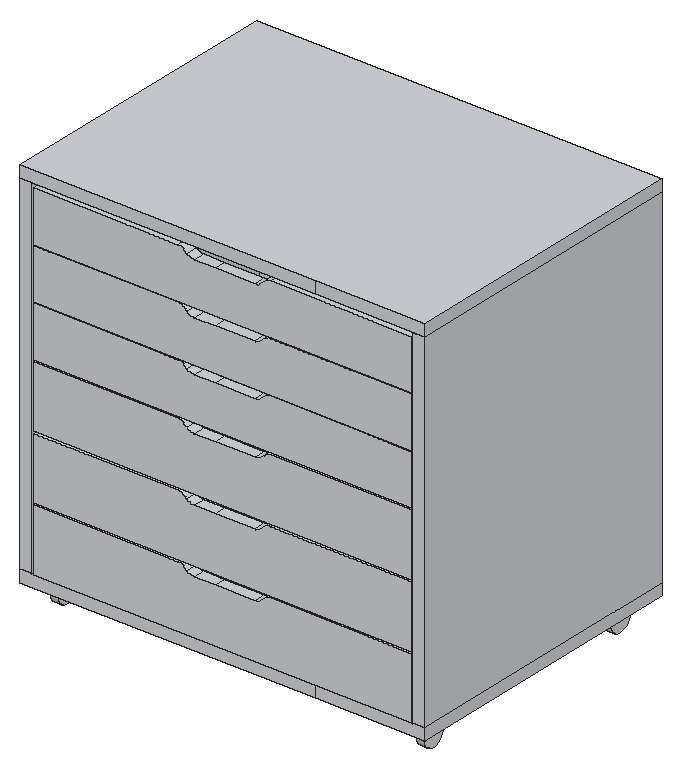
Revit family
Reference planes (in)
  plane 1 "Center Front/Back": y = 0
  plane 2: z = 0
  plane 3 "Center Left/Right": x = 0.125
  plane 4: x = -12.125
  plane 5: x = 12.25
  plane 6: z = 23
  plane 7: z = 19.75
  plane 8: z = 13
  plane 9: z = 9
Forms (in)
  Extrusion 1, solid
    sketch origin (0, -0.75, 0) x (1, 0, 0) y (0, 1, 0)
      loop
        line (-13, 0) -> (6, 0) -> (13, 0) -> (13, 19) -> (-13, 19) -> (-13, 0)
    from 0 to 0.75
  Extrusion 2, solid
    sketch origin (0, -0.75, 23.25) x (1, 0, 0) y (0, 1, 0)
      loop
        line (-13, 0) -> (6, 0) -> (13, 0) -> (13, 19) -> (-13, 19) -> (-13, 0)
    from 0 to 0.75
  Extrusion 3, solid
    sketch origin (0, -0.75, 0) x (1, 0, 0) y (0, 1, 0)
      loop
        line (-13, 19) -> (-13, 0) -> (-12.25, 0) -> (-12.25, 19) -> (-13, 19)
    from 0.75 to 23.25
  Extrusion 4, solid
    sketch origin (25.25, -0.75, 0) x (1, 0, 0) y (0, 1, 0)
      loop
        line (-13, 19) -> (-13, 0) -> (-12.25, 0) -> (-12.25, 19) -> (-13, 19)
    from 0.75 to 23.25
  Extrusion 5, solid
    sketch origin (0, -0.75, 0) x (1, 0, 0) y (0, 1, 0)
      loop
        line (-12.25, 19) -> (-12.25, 18.25) -> (12.25, 18.25) -> (12.25, 19) -> (-12.25, 19)
    from 0.75 to 23.25
  Extrusion 6, solid
    sketch origin (0, 0, 0) x (1, 0, 0) y (0, 0, 1)
      loop
        line (-12.125, 23) -> (-12.125, 19.75) -> (12.1875, 19.75) -> (12.1875, 23) -> (3.125, 23)
        arc (3.125, 23) -> (2.80122, 22.89946) -> (2.53732, 22.68664) r 0.90327
        arc (2.53732, 22.68664) -> (2.32356, 22.53031) -> (2.06209, 22.48826) r 0.56634
        line (2.06209, 22.48826) -> (-0.45437, 22.48826) -> (-1.81209, 22.48826)
        arc (-1.81209, 22.48826) -> (-2.07356, 22.53031) -> (-2.28732, 22.68664) r 0.56634
        arc (-2.28732, 22.68664) -> (-2.55122, 22.89946) -> (-2.875, 23) r 0.90327
        line (-2.875, 23) -> (-12.125, 23)
    from 0 to 0.75
  Extrusion 7, solid
    sketch origin (0, 0, -3.3125) x (1, 0, 0) y (0, 0, 1)
      loop
        line (-12.125, 23) -> (-12.125, 19.75) -> (12.1875, 19.75) -> (12.1875, 23) -> (3.125, 23)
        arc (3.125, 23) -> (2.80122, 22.89946) -> (2.53732, 22.68664) r 0.90327
        arc (2.53732, 22.68664) -> (2.32356, 22.53031) -> (2.06209, 22.48826) r 0.56634
        line (2.06209, 22.48826) -> (-0.45437, 22.48826) -> (-1.81209, 22.48826)
        arc (-1.81209, 22.48826) -> (-2.07356, 22.53031) -> (-2.28732, 22.68664) r 0.56634
        arc (-2.28732, 22.68664) -> (-2.55122, 22.89946) -> (-2.875, 23) r 0.90327
        line (-2.875, 23) -> (-12.125, 23)
    from 0 to 0.75
  Extrusion 8, solid
    sketch origin (0, 0, -6.625) x (1, 0, 0) y (0, 0, 1)
      loop
        line (-12.125, 23) -> (-12.125, 19.75) -> (12.1875, 19.75) -> (12.1875, 23) -> (3.125, 23)
        arc (3.125, 23) -> (2.80122, 22.89946) -> (2.53732, 22.68664) r 0.90327
        arc (2.53732, 22.68664) -> (2.32356, 22.53031) -> (2.06209, 22.48826) r 0.56634
        line (2.06209, 22.48826) -> (-0.45437, 22.48826) -> (-1.81209, 22.48826)
        arc (-1.81209, 22.48826) -> (-2.07356, 22.53031) -> (-2.28732, 22.68664) r 0.56634
        arc (-2.28732, 22.68664) -> (-2.55122, 22.89946) -> (-2.875, 23) r 0.90327
        line (-2.875, 23) -> (-12.125, 23)
    from 0 to 0.75
  Extrusion 9, solid
    sketch origin (0, 0, -10) x (1, 0, 0) y (0, 0, 1)
      loop
        line (-12.125, 23) -> (-12.125, 19) -> (12.1875, 19) -> (12.1875, 23) -> (3.125, 23)
        arc (3.125, 23) -> (2.80122, 22.89946) -> (2.53732, 22.68664) r 0.90327
        arc (2.53732, 22.68664) -> (2.32356, 22.53031) -> (2.06209, 22.48826) r 0.56634
        line (2.06209, 22.48826) -> (-0.45437, 22.48826) -> (-1.81209, 22.48826)
        arc (-1.81209, 22.48826) -> (-2.07356, 22.53031) -> (-2.28732, 22.68664) r 0.56634
        arc (-2.28732, 22.68664) -> (-2.55122, 22.89946) -> (-2.875, 23) r 0.90327
        line (-2.875, 23) -> (-12.125, 23)
    from 0 to 0.75
  Extrusion 10, solid
    sketch origin (0, 0, -14.125) x (1, 0, 0) y (0, 0, 1)
      loop
        line (-12.125, 23) -> (-12.125, 19) -> (12.1875, 19) -> (12.1875, 23) -> (3.125, 23)
        arc (3.125, 23) -> (2.80122, 22.89946) -> (2.53732, 22.68664) r 0.90327
        arc (2.53732, 22.68664) -> (2.32356, 22.53031) -> (2.06209, 22.48826) r 0.56634
        line (2.06209, 22.48826) -> (-0.45437, 22.48826) -> (-1.81209, 22.48826)
        arc (-1.81209, 22.48826) -> (-2.07356, 22.53031) -> (-2.28732, 22.68664) r 0.56634
        arc (-2.28732, 22.68664) -> (-2.55122, 22.89946) -> (-2.875, 23) r 0.90327
        line (-2.875, 23) -> (-12.125, 23)
    from 0 to 0.75
  Extrusion 11, solid
    sketch origin (0, 0, -18.25) x (1, 0, 0) y (0, 0, 1)
      loop
        line (-12.125, 23) -> (-12.125, 19) -> (12.1875, 19) -> (12.1875, 23) -> (3.125, 23)
        arc (3.125, 23) -> (2.80122, 22.89946) -> (2.53732, 22.68664) r 0.90327
        arc (2.53732, 22.68664) -> (2.32356, 22.53031) -> (2.06209, 22.48826) r 0.56634
        line (2.06209, 22.48826) -> (-0.45437, 22.48826) -> (-1.81209, 22.48826)
        arc (-1.81209, 22.48826) -> (-2.07356, 22.53031) -> (-2.28732, 22.68664) r 0.56634
        arc (-2.28732, 22.68664) -> (-2.55122, 22.89946) -> (-2.875, 23) r 0.90327
        line (-2.875, 23) -> (-12.125, 23)
    from 0 to 0.75
  Extrusion 12, solid
    sketch origin (-12, 15.44623, 0) x (0, 1, 0) y (0, 0, 1)
      loop
        circle (0.74757, -0.80563) r 0.75
    from 0 to 0.5
  Extrusion 13, solid
    sketch origin (12, 15.44623, 0) x (0, 1, 0) y (0, 0, -1)
      loop
        circle (0.74757, 0.80563) r 0.75
    from 0 to 0.5
  Extrusion 14, solid
    sketch origin (-12, 0.44623, 0) x (0, 1, 0) y (0, 0, 1)
      loop
        circle (0.74757, -0.80563) r 0.75
    from 0 to 0.5
  Extrusion 15, solid
    sketch origin (12, 0.44623, 0) x (0, 1, 0) y (0, 0, -1)
      loop
        circle (0.74757, 0.80563) r 0.75
    from 0 to 0.5
Dimensions and locks (in)
  aligned and locked: level to plane 2
